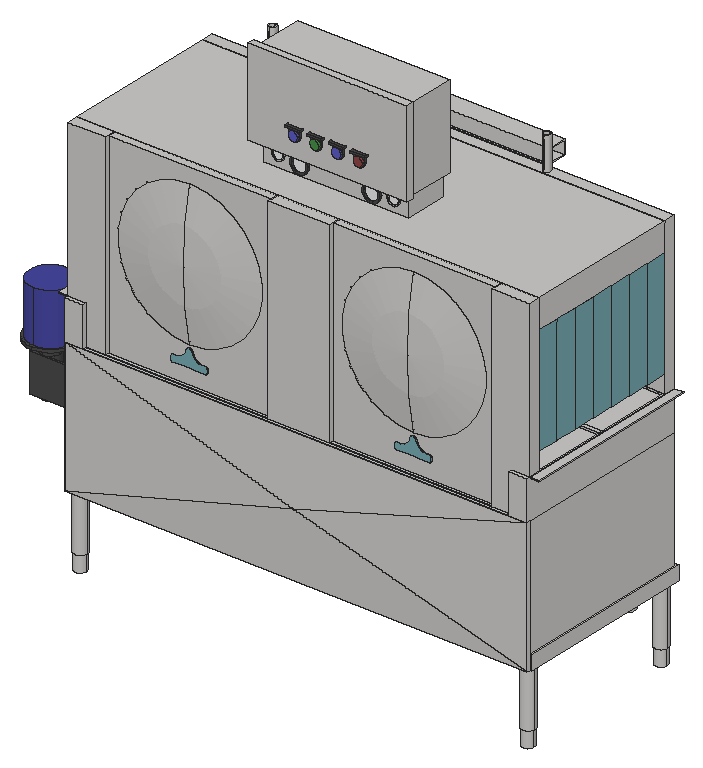
Revit family (continued)
Dimensions and locks (in)
  aligned and locked: Extrusion 4 sketch curve to plane 20
  aligned and locked: plane 6 "FRONT" to Extrusion 1 sketch curve
  aligned and locked: plane 2 "LEFT" to Extrusion 13 sketch curve
  aligned and locked: Extrusion 13 sketch curve to plane 6 "FRONT"
  aligned and locked: plane 20 to Extrusion 13 sketch curve
  aligned and locked: Extrusion 13 sketch curve to plane 5 "RIGHT"
  aligned and locked: Extrusion 13 to plane 15 "Bottom of Machine"
  aligned and locked: plane 18 "Panel Top" to Extrusion 13
  aligned and locked: Extrusion 14 sketch curve to plane 17 "Top of Machine"
  aligned and locked: Extrusion 14 sketch curve to plane 5 "RIGHT"
  aligned and locked: plane 16 "Table Height" to Extrusion 14 sketch curve
  aligned and locked: plane 18 "Panel Top" to Extrusion 14 sketch curve
  aligned and locked: Extrusion 14 sketch curve to Extrusion 4
  aligned and locked: Extrusion 14 to plane 25
  aligned and locked: Extrusion 15 sketch curve to plane 28
  aligned and locked: plane 25 to Extrusion 15 sketch curve
  aligned and locked: plane 27 to Extrusion 15 sketch curve
  aligned and locked: Extrusion 15 to plane 18 "Panel Top"
  aligned and locked: plane 30 to Extrusion 16
  aligned and locked: Extrusion 17 to plane 30
  aligned and locked: plane 15 "Bottom of Machine" to Extrusion 17
  aligned and locked: plane 25 to Extrusion 24 sketch curve
  aligned and locked: plane 5 "RIGHT" to Extrusion 24 sketch curve  (x7)
  aligned and locked: plane 24 to Extrusion 24 sketch curve
  aligned and locked: plane 2 "LEFT" to Extrusion 25 sketch curve  (x7)
  aligned and locked: Extrusion 25 sketch curve to plane 24
  aligned and locked: Extrusion 25 sketch curve to plane 25
  aligned and locked: Extrusion 26 sketch curve to plane 36
  aligned and locked: plane 35 "Front of Lower Panel" to Extrusion 26 sketch curve
  aligned and locked: plane 31 to Extrusion 26 sketch curve
  aligned and locked: plane 32 to Extrusion 26 sketch curve
  aligned and locked: Extrusion 27 sketch curve to plane 38 "Back of Panel"
  aligned and locked: plane 37 to Extrusion 27 sketch curve
  aligned and locked: plane 40 to Extrusion 27 sketch curve
  aligned and locked: Extrusion 27 sketch curve to plane 41
  aligned and locked: Extrusion 28 sketch curve to plane 37
  aligned and locked: plane 39 "Front of Upper Panel" to Extrusion 28 sketch curve
  aligned and locked: plane 33 to Extrusion 28 sketch curve
  aligned and locked: Extrusion 28 sketch curve to plane 34
  aligned and locked: Extrusion 31 sketch curve to Extrusion 30  (x2)
  aligned and locked: Extrusion 32 sketch curve to Extrusion 29  (x2)
  aligned and locked: Extrusion 35 sketch curve to Extrusion 34  (x2)
  aligned and locked: Extrusion 36 sketch curve to Extrusion 33  (x2)
  aligned and locked: Extrusion 44 sketch curve to plane 17 "Top of Machine"
  aligned and locked: Extrusion 44 sketch curve to plane 6 "FRONT"
  aligned and locked: plane 25 to Extrusion 44 sketch curve
  aligned and locked: plane 24 to Extrusion 44 sketch curve
  aligned and locked: plane 3 "BACK" to Extrusion 44 sketch curve
  aligned and locked: Extrusion 45 sketch curve to plane 3 "BACK"
  aligned and locked: plane 17 "Top of Machine" to Extrusion 45 sketch curve
  aligned and locked: Extrusion 45 sketch curve to plane 24
  aligned and locked: plane 6 "FRONT" to Extrusion 45 sketch curve
  aligned and locked: Extrusion 45 sketch curve to plane 25
  aligned and locked: plane 6 "FRONT" to Extrusion 46 sketch curve
  aligned and locked: Extrusion 46 sketch curve to plane 17 "Top of Machine"
  aligned and locked: plane 3 "BACK" to Extrusion 46 sketch curve
  aligned and locked: plane 24 to Extrusion 46 sketch curve
  aligned and locked: plane 29 "Top of Opening" to Extrusion 46 sketch curve
  aligned and locked: plane 25 to Extrusion 46 sketch curve
  aligned and locked: Extrusion 46 to plane 42
  aligned and locked: plane 42 to Extrusion 44
  aligned and locked: Extrusion 45 to plane 43
  aligned and locked: plane 43 to Extrusion 47
  aligned and locked: Extrusion 48 sketch curve to plane 46
  aligned and locked: plane 44 to Extrusion 48 sketch curve
  aligned and locked: Extrusion 48 sketch curve to plane 13
  aligned and locked: plane 47 to Extrusion 48 sketch curve
  aligned and locked: plane 48 "Top of Vents" to Extrusion 48
  aligned and locked: Extrusion 49 sketch curve to plane 14
  aligned and locked: plane 45 to Extrusion 49 sketch curve
  aligned and locked: plane 46 to Extrusion 49 sketch curve
  aligned and locked: Extrusion 49 sketch curve to plane 47
  aligned and locked: Extrusion 50 sketch curve to Extrusion 48  (x4)
  aligned and locked: Extrusion 51 sketch curve to Extrusion 49  (x4)
  aligned: nested 1 to cut or joined group of Extrusion 44, Extrusion 51
  aligned and locked: plane 14 to nested 1
  aligned and locked: plane 45 to nested 1
  aligned and locked: plane 47 to nested 1
  aligned and locked: nested 1 to plane 46
  aligned and locked: Extrusion 53 to plane 49
  aligned and locked: Extrusion 53 to plane 50
  aligned and locked: Extrusion 54 to plane 50
  aligned and locked: Extrusion 54 to plane 49
  aligned and locked: plane 2 "LEFT" to curve 2
  aligned and locked: plane 3 "BACK" to curve 1
  aligned and locked: curve 4 to plane 5 "RIGHT"
  aligned and locked: plane 6 "FRONT" to curve 3
  aligned and locked: curve 6 to plane 11 "Left End Cowl"
  aligned and locked: curve 7 to plane 6 "FRONT"
  aligned and locked: curve 9 to plane 12 "Right End Cowl"
  aligned and locked: plane 49 to curve 11
  aligned and locked: plane 50 to curve 13
  aligned and locked: curve 12 to plane 51
  aligned and locked: plane 10 "Right of Ledge" to curve 15
  aligned and locked: curve 16 to plane 38 "Back of Panel"
  aligned and locked: plane 37 to curve 18
  aligned and locked: plane 40 to curve 17
  aligned and locked: curve 19 to plane 41
  aligned and locked: plane 33 to curve 23
  aligned and locked: plane 39 "Front of Upper Panel" to curve 22
  aligned and locked: curve 21 to plane 34
  aligned and locked: curve 25 to plane 46
  aligned and locked: curve 28 to plane 13
  aligned and locked: plane 44 to curve 26
  aligned and locked: plane 47 to curve 27
  aligned and locked: plane 47 to curve 31
  aligned and locked: curve 32 to plane 45
  aligned and locked: plane 14 to curve 30
  aligned and locked: curve 29 to plane 46
  aligned and locked: Extrusion 57 sketch curve to plane 21  (x2)
  aligned and locked: plane 53 to Extrusion 57 sketch curve
  aligned and locked: plane 50 to Extrusion 57 sketch curve
  aligned and locked: Extrusion 57 sketch curve to plane 51
  aligned and locked: plane 49 to Extrusion 57 sketch curve
  aligned: plane 48 "Top of Vents" to Extrusion 57
  aligned and locked: plane 4 "TOP" to Extrusion 57
  aligned and locked: plane 17 "Top of Machine" to Extrusion 58 sketch curve
  aligned and locked: Extrusion 58 sketch curve to plane 28
  aligned and locked: plane 27 to Extrusion 58 sketch curve
  aligned and locked: Extrusion 58 sketch curve to plane 54
  aligned and locked: Extrusion 58 to plane 25
  aligned and locked: Extrusion 57 sketch curve to plane 9 "Left of Ledge"
  aligned and locked: Extrusion 57 sketch curve to plane 10 "Right of Ledge"
  aligned and locked: Extrusion 59 sketch curve to plane 53
  aligned and locked: Extrusion 59 sketch curve to plane 10 "Right of Ledge"
  aligned and locked: plane 21 to Extrusion 59 sketch curve
  aligned and locked: Extrusion 59 sketch curve to plane 12 "Right End Cowl"
  aligned and locked: plane 4 "TOP" to Extrusion 59
  aligned and locked: plane 11 "Left End Cowl" to Extrusion 60 sketch curve
  aligned and locked: plane 21 to Extrusion 60 sketch curve
  aligned and locked: Extrusion 60 sketch curve to plane 9 "Left of Ledge"
  aligned and locked: Extrusion 60 sketch curve to plane 53
  aligned and locked: plane 4 "TOP" to Extrusion 60
  aligned and locked: curve 37 to plane 12 "Right End Cowl"
  aligned and locked: curve 36 to plane 53
  aligned and locked: plane 11 "Left End Cowl" to curve 33
  aligned and locked: Extrusion 62 sketch curve to plane 56
  aligned and locked: plane 55 to Extrusion 62 sketch curve
  aligned and locked: Extrusion 64 sketch curve to plane 56
  aligned and locked: plane 55 to Extrusion 64 sketch curve
  aligned and locked: plane 56 to Extrusion 14 sketch curve
  aligned and locked: plane 28 to Extrusion 66 sketch curve
  aligned and locked: Extrusion 66 sketch curve to plane 55
  aligned and locked: Extrusion 66 sketch curve to plane 17 "Top of Machine"
  aligned and locked: plane 18 "Panel Top" to Extrusion 66 sketch curve
  aligned and locked: Extrusion 66 to plane 25
  aligned and locked: Extrusion 66 to plane 6 "FRONT"
  aligned and locked: Extrusion 69 sketch curve to Extrusion 56  (x2)
  aligned and locked: Extrusion 70 sketch curve to Extrusion 68  (x2)
  aligned and locked: Extrusion 74 sketch curve to Extrusion 72
  aligned and locked: Blend 75 sketch curve to Extrusion 74  (x2)
  aligned and locked: Extrusion 84 sketch curve to Extrusion 82  (x2)
  aligned and locked: plane 2 "LEFT" to cut or joined group of Extrusion 45, Extrusion 50
  aligned and locked: cut or joined group of Extrusion 44, Extrusion 51 to plane 5 "RIGHT"
  aligned and locked: plane 25 to Extrusion 94 sketch curve
  aligned and locked: plane 57 to Extrusion 94 sketch curve
  aligned and locked: plane 6 "FRONT" to Extrusion 94 sketch curve
  aligned and locked: Extrusion 94 sketch curve to plane 58
  aligned and locked: plane 60 to Extrusion 95 sketch curve
  aligned and locked: plane 6 "FRONT" to Extrusion 95 sketch curve
  aligned and locked: Extrusion 95 sketch curve to plane 62
  aligned and locked: plane 25 to Extrusion 95 sketch curve
  aligned and locked: Extrusion 94 to plane 18 "Panel Top"
  aligned and locked: Extrusion 95 to plane 18 "Panel Top"
  aligned and locked: plane 27 to curve 52
  aligned and locked: plane 56 to curve 54
Automatic sketch dimensions
  Extrusion 37 sketch curve to Extrusion 37 sketch curve = 0' - 1"  (x3)
  Extrusion 37 sketch curve to Extrusion 37 sketch curve = 0' - 2"  (x4)
  Extrusion 37 sketch curve to Extrusion 37 sketch curve = 0' - 0 1/4"  (x5)
  Extrusion 37 sketch curve to Extrusion 37 sketch curve = 0' - 0"  (x2)
  Extrusion 42 sketch curve to Extrusion 42 sketch curve = 0' - 1 1/2"  (x3)
  Extrusion 42 sketch curve to Extrusion 42 sketch curve = 0' - 0 3/4"  (x4)
  Extrusion 42 sketch curve to Extrusion 42 sketch curve = 0' - 0"  (x3)
  Extrusion 42 sketch curve to Extrusion 42 sketch curve = 0' - 0 7/8"  (x4)
  Extrusion 88 sketch curve to Extrusion 88 sketch curve = 0' - 1"  (x3)
  Extrusion 88 sketch curve to Extrusion 88 sketch curve = 0' - 2"  (x4)
  Extrusion 88 sketch curve to Extrusion 88 sketch curve = 0' - 0 1/4"  (x5)
  Extrusion 88 sketch curve to Extrusion 88 sketch curve = 0' - 0"  (x2)
  Extrusion 93 sketch curve to Extrusion 93 sketch curve = 0' - 1 1/2"  (x3)
  Extrusion 93 sketch curve to Extrusion 93 sketch curve = 0' - 0 3/4"  (x4)
  Extrusion 93 sketch curve to Extrusion 93 sketch curve = 0' - 0"  (x3)
  Extrusion 93 sketch curve to Extrusion 93 sketch curve = 0' - 0 7/8"  (x4)
  plane 36 to Extrusion 8 sketch curve = 0' - 0 1/4"
  Extrusion 8 sketch curve to plane 36 = 0' - 0 1/4"
  Extrusion 29 sketch curve to Extrusion 29 sketch curve = 0' - 0"  (x2)
  Extrusion 30 sketch curve to Extrusion 30 sketch curve = 0' - 0"  (x2)
  Extrusion 33 sketch curve to Extrusion 33 sketch curve = 0' - 0"  (x2)
  Extrusion 34 sketch curve to Extrusion 34 sketch curve = 0' - 0"  (x2)
  plane 47 to Extrusion 48 sketch curve = 0' - 0 1/8"
  Extrusion 48 sketch curve to plane 46 = 0' - 0 1/8"
  Extrusion 48 sketch curve to plane 13 = 0' - 0 1/8"
  plane 44 to Extrusion 48 sketch curve = 0' - 0 1/8"
  Extrusion 49 sketch curve to plane 47 = 0' - 0 1/8"
  plane 46 to Extrusion 49 sketch curve = 0' - 0 1/8"
  Extrusion 49 sketch curve to plane 14 = 0' - 0 1/8"
  plane 45 to Extrusion 49 sketch curve = 0' - 0 1/8"
  Extrusion 53 sketch curve to plane 52 = 0' - 0"
  Extrusion 53 sketch curve to plane 17 "Top of Machine" = 0' - 0"
  Extrusion 53 sketch curve to plane 51 = 0' - 0"
  Extrusion 53 sketch curve to plane 51 = 0' - 0 1/8"
  Extrusion 53 sketch curve to plane 21 = 0' - 0 1/8"
  Extrusion 53 sketch curve to Extrusion 53 sketch curve = 0' - 0 1/8"
  plane 17 "Top of Machine" to Extrusion 53 sketch curve = 0' - 0 1/8"
  Extrusion 53 sketch curve to plane 52 = 0' - 0 1/8"
  Extrusion 54 sketch curve to plane 3 "BACK" = 0' - 0"
  Extrusion 54 sketch curve to plane 17 "Top of Machine" = 0' - 0"
  Extrusion 54 sketch curve to plane 3 "BACK" = 0' - 0 1/4"
  Extrusion 54 sketch curve to Extrusion 54 sketch curve = 0' - 0 1/8"
  Extrusion 64 sketch curve to plane 17 "Top of Machine" = 0' - 0"
  Extrusion 64 sketch curve to plane 54 = 0' - 0"
  Extrusion 73 sketch curve to plane 39 "Front of Upper Panel" = 0' - 0 3/16"
  plane 44 to Extrusion 73 sketch curve = 0' - 0 11/16"
  Blend 75 sketch curve to plane 39 "Front of Upper Panel" = 0' - 0 3/16"
  plane 44 to Blend 75 sketch curve = 0' - 0 11/16"
  Extrusion 76 sketch curve to plane 39 "Front of Upper Panel" = 0' - 0 3/16"
  plane 44 to Extrusion 76 sketch curve = 0' - 0 11/16"
  Extrusion 77 sketch curve to plane 39 "Front of Upper Panel" = 0' - 0 3/16"
  plane 44 to Extrusion 77 sketch curve = 0' - 0 11/16"
  Blend 85 sketch curve to plane 9 "Left of Ledge" = 0' - 0 5/16"
  Blend 85 sketch curve to plane 36 = 0' - 2 1/4"
  plane 38 "Back of Panel" to Blend 85 sketch curve = 0' - 1 3/4"
  plane 44 to Blend 85 sketch curve = 0' - 0 1/4"
  plane 13 to Blend 85 sketch curve = 0' - 0 1/4"
  Blend 85 sketch curve to plane 36 = 0' - 1 1/4"
  plane 38 "Back of Panel" to Blend 85 sketch curve = 0' - 0 3/4"
  plane 44 to Blend 85 sketch curve = 0' - 1 1/4"
  Blend 86 sketch curve to plane 44 = 0' - 0 1/2"
  plane 35 "Front of Lower Panel" to Blend 86 sketch curve = 0' - 3"
  plane 38 "Back of Panel" to Blend 86 sketch curve = 0' - 2 1/2"
  plane 9 "Left of Ledge" to Blend 86 sketch curve = 0' - 0 7/16"
  Blend 86 sketch curve to plane 9 "Left of Ledge" = 0' - 0 9/16"
  Blend 86 sketch curve to plane 36 = 0' - 2"
  plane 38 "Back of Panel" to Blend 86 sketch curve = 0' - 1 1/2"
  plane 44 to Blend 86 sketch curve = 0' - 0 1/2"
  plane 27 to Extrusion 96 sketch curve = 0' - 0.00337"
  plane 20 to Extrusion 96 sketch curve = 0' - 0.24755"
  plane 27 to Extrusion 97 sketch curve = 0' - 0.00337"
  plane 20 to Extrusion 97 sketch curve = 0' - 0.24755"
  plane 56 to Extrusion 99 sketch curve = 0' - 0.00337"
  plane 20 to Extrusion 99 sketch curve = 0' - 0.24755"
  plane 56 to Extrusion 100 sketch curve = 0' - 0.00337"
  plane 20 to Extrusion 100 sketch curve = 0' - 0.24755"
  curve 35 to plane 9 "Left of Ledge" = 0' - 0"
  curve 41 to plane 27 = 0' - 0"
  plane 25 to curve 40 = 0' - 0"
  curve 40 to plane 28 = 0' - 0"
  plane 25 to curve 42 = 0' - 0"
  curve 42 to plane 55 = 0' - 0"
  curve 44 to plane 56 = 0' - 0"
  curve 35 to plane 10 "Right of Ledge" = 0' - 0"
  curve 42 to plane 6 "FRONT" = 0' - 0"
  curve 44 to plane 6 "FRONT" = 0' - 0"
  curve 38 to plane 6 "FRONT" = 0' - 0"
  curve 40 to plane 6 "FRONT" = 0' - 0"
  curve 37 to plane 21 = 0' - 0"
  curve 33 to plane 21 = 0' - 0"
  plane 47 to curve 41 = 0' - 0 7/16"
  plane 47 to curve 45 = 0' - 0 7/16"
  plane 19 to Blend 12 sketch curve = 0' - 7 7/32"
  Blend 12 sketch curve to Blend 12 sketch curve = 0' - 0 1/16"
  Extrusion 24 sketch curve to plane 39 "Front of Upper Panel" = 0' - 0 3/8"
  Extrusion 24 sketch curve to Extrusion 24 sketch curve = 0' - 0 1/8"  (x6)
  plane 35 "Front of Lower Panel" to Extrusion 24 sketch curve = 0' - 1 1/4"
  Extrusion 24 sketch curve to plane 36 = 0' - 1 5/8"
  Extrusion 24 sketch curve to plane 5 "RIGHT" = 0' - 0 1/8"  (x7)
  plane 38 "Back of Panel" to Extrusion 24 sketch curve = 0' - 1"
  Extrusion 24 sketch curve to Extrusion 24 sketch curve = 0' - 3"  (x2)
  plane 39 "Front of Upper Panel" to Extrusion 25 sketch curve = 0' - 0 3/8"
  Extrusion 25 sketch curve to Extrusion 25 sketch curve = 0' - 0 1/8"  (x6)
  Extrusion 25 sketch curve to plane 35 "Front of Lower Panel" = 0' - 1 1/4"
  plane 36 to Extrusion 25 sketch curve = 0' - 1 5/8"
  Extrusion 25 sketch curve to plane 2 "LEFT" = 0' - 0 1/8"  (x7)
  Extrusion 25 sketch curve to plane 38 "Back of Panel" = 0' - 1"
  Extrusion 25 sketch curve to Extrusion 25 sketch curve = 0' - 3"  (x2)
  plane 49 to Extrusion 43 sketch curve = 0' - 1.49793"
  Extrusion 43 sketch curve to Extrusion 43 sketch curve = 0' - 0.25142"  (x2)
  Extrusion 43 sketch curve to Extrusion 43 sketch curve = 0' - 0.25483"
  plane 49 to Extrusion 43 sketch curve = 0' - 0.94306"
  Extrusion 43 sketch curve to plane 49 = 0' - 0.38874"
  Extrusion 43 sketch curve to plane 49 = 0' - 0.58031"
  Extrusion 43 sketch curve to Extrusion 43 sketch curve = 0' - 0.41934"
  Extrusion 43 sketch curve to plane 49 = 0' - 1"
  Extrusion 43 sketch curve to Extrusion 43 sketch curve = 0' - 0.42496"
  Extrusion 43 sketch curve to Extrusion 43 sketch curve = 0' - 0"
  Extrusion 43 sketch curve to Extrusion 43 sketch curve = 0' - 1.22253"
  Extrusion 43 sketch curve to Extrusion 43 sketch curve = 0' - 1.51845"
  Extrusion 43 sketch curve to Extrusion 43 sketch curve = 0' - 1.63184"
  Extrusion 43 sketch curve to Extrusion 43 sketch curve = 0' - 0.00341"
  Extrusion 43 sketch curve to plane 16 "Table Height" = 0' - 2.43574"  (x2)
  Extrusion 43 sketch curve to Extrusion 43 sketch curve = 0' - 0.48493"  (x2)
  Extrusion 43 sketch curve to Extrusion 43 sketch curve = 0' - 0.08323"
  plane 19 to Extrusion 43 sketch curve = 0' - 6.6719"
  Extrusion 44 sketch curve to plane 46 = 0' - 0 1/16"
  plane 47 to Extrusion 44 sketch curve = 0' - 0 1/16"
  Extrusion 44 sketch curve to plane 17 "Top of Machine" = 0' - 0 1/8"
  Extrusion 44 sketch curve to plane 29 "Top of Opening" = 0' - 0.88572"
  Extrusion 44 sketch curve to Extrusion 44 sketch curve = 0' - 0.05178"  (x2)
  Extrusion 44 sketch curve to Extrusion 44 sketch curve = 0' - 1 1/2"  (x2)
  Extrusion 44 sketch curve to Extrusion 44 sketch curve = 0' - 0.17678"  (x2)
  plane 16 "Table Height" to Extrusion 44 sketch curve = 0' - 5.17678"
  plane 47 to Extrusion 45 sketch curve = 0' - 0 1/16"
  Extrusion 45 sketch curve to plane 46 = 0' - 0 1/16"
  Extrusion 45 sketch curve to plane 17 "Top of Machine" = 0' - 0 1/8"
  Extrusion 45 sketch curve to plane 29 "Top of Opening" = 0' - 0.88572"
  Extrusion 45 sketch curve to Extrusion 45 sketch curve = 0' - 0.05178"  (x2)
  Extrusion 45 sketch curve to Extrusion 45 sketch curve = 0' - 1 1/2"  (x2)
  Extrusion 45 sketch curve to Extrusion 45 sketch curve = 0' - 0.17678"  (x2)
  plane 16 "Table Height" to Extrusion 45 sketch curve = 0' - 5.17678"
  Extrusion 46 sketch curve to plane 29 "Top of Opening" = 0' - 0 15/16"
  Extrusion 46 sketch curve to Extrusion 46 sketch curve = 0' - 1 5/8"  (x2)
  plane 16 "Table Height" to Extrusion 46 sketch curve = 0' - 5 1/8"
  Extrusion 47 sketch curve to plane 6 "FRONT" = 0' - 0"
  Extrusion 47 sketch curve to plane 25 = 0' - 0"
  Extrusion 47 sketch curve to plane 24 = 0' - 0"
  Extrusion 47 sketch curve to plane 3 "BACK" = 0' - 0"
  Extrusion 47 sketch curve to plane 29 "Top of Opening" = 0' - 0"
  Extrusion 47 sketch curve to plane 17 "Top of Machine" = 0' - 0"
  Extrusion 47 sketch curve to plane 29 "Top of Opening" = 0' - 0 15/16"
  Extrusion 47 sketch curve to Extrusion 47 sketch curve = 0' - 1 5/8"  (x2)
  plane 16 "Table Height" to Extrusion 47 sketch curve = 0' - 5 1/8"
  Extrusion 52 sketch curve to Extrusion 52 sketch curve = 0' - 0"  (x2)
  Extrusion 56 sketch curve to Extrusion 56 sketch curve = 0' - 0"  (x2)
  curve 15 to plane 6 "FRONT" = 0' - 0"
  plane 3 "BACK" to curve 9 = 0' - 0"
  plane 3 "BACK" to curve 6 = 0' - 0"
  curve 3 to plane 9 "Left of Ledge" = 0' - 0"
  Revolve 61 sketch curve to plane 20 = 0' - 0"
  Revolve 61 sketch curve to plane 20 = 0' - 10 3/4"
  plane 47 to Revolve 61 sketch curve = 0' - 0 7/16"
  plane 35 "Front of Lower Panel" to Revolve 61 sketch curve = 0' - 2 3/4"
  Revolve 61 sketch curve to plane 29 "Top of Opening" = 0' - 7.74993"
  plane 53 to Revolve 61 sketch curve = 1' - 5.49935"
  Revolve 61 sketch curve to plane 29 "Top of Opening" = 0' - 8"  (x2)
  plane 25 to Extrusion 62 sketch curve = 0' - 0"
  plane 47 to Extrusion 62 sketch curve = 0' - 0 7/16"
  Extrusion 63 sketch curve to plane 50 = 0' - 3.49793"
  Extrusion 63 sketch curve to Extrusion 63 sketch curve = 0' - 0.25142"  (x2)
  Extrusion 63 sketch curve to Extrusion 63 sketch curve = 0' - 0.25483"
  Extrusion 63 sketch curve to Extrusion 63 sketch curve = 0' - 0.30345"
  Extrusion 63 sketch curve to plane 50 = 0' - 1.61126"
  Extrusion 63 sketch curve to plane 50 = 0' - 1.41969"
  Extrusion 63 sketch curve to Extrusion 63 sketch curve = 0' - 0.41934"
  Extrusion 63 sketch curve to plane 50 = 0' - 1"
  Extrusion 63 sketch curve to Extrusion 63 sketch curve = 0' - 0.42496"
  Extrusion 63 sketch curve to Extrusion 63 sketch curve = 0' - 0"
  Extrusion 63 sketch curve to plane 50 = 0' - 0.38874"
  plane 50 to Extrusion 63 sketch curve = 0' - 0.94306"
  plane 50 to Extrusion 63 sketch curve = 0' - 1.2431"
  Extrusion 63 sketch curve to Extrusion 63 sketch curve = 0' - 0.00341"
  plane 19 to Extrusion 63 sketch curve = 0' - 6.6719"
  plane 18 "Panel Top" to Extrusion 63 sketch curve = 0' - 2.07309"  (x2)
  Extrusion 63 sketch curve to Extrusion 63 sketch curve = 0' - 0.08323"
  Extrusion 63 sketch curve to Extrusion 63 sketch curve = 0' - 0.48493"  (x2)
  Extrusion 63 sketch curve to plane 16 "Table Height" = 0' - 1.37507"
  Revolve 65 sketch curve to plane 20 = 0' - 0"
  Revolve 65 sketch curve to plane 20 = 0' - 10 3/4"
  plane 47 to Revolve 65 sketch curve = 0' - 0 7/16"
  plane 35 "Front of Lower Panel" to Revolve 65 sketch curve = 0' - 2 3/4"
  Revolve 65 sketch curve to plane 29 "Top of Opening" = 0' - 7.74993"
  plane 53 to Revolve 65 sketch curve = 1' - 5.49935"
  Revolve 65 sketch curve to plane 29 "Top of Opening" = 0' - 8"  (x2)
  Extrusion 67 sketch curve to Extrusion 67 sketch curve = 0' - 0"  (x2)
  Extrusion 68 sketch curve to Extrusion 68 sketch curve = 0' - 0"  (x2)
  plane 22 to Extrusion 71 sketch curve = 0' - 0"
  Extrusion 71 sketch curve to plane 2 "LEFT" = 0' - 0"
  Extrusion 71 sketch curve to plane 19 = 0' - 0"
  Extrusion 71 sketch curve to plane 9 "Left of Ledge" = 0' - 0 1/8"
  Extrusion 71 sketch curve to plane 18 "Panel Top" = 0' - 4 9/16"
  plane 15 "Bottom of Machine" to Extrusion 71 sketch curve = 0' - 0 15/16"
  Extrusion 72 sketch curve to plane 25 = 0' - 1 5/8"
  plane 44 to Extrusion 72 sketch curve = 0' - 0 11/16"
  Extrusion 72 sketch curve to plane 39 "Front of Upper Panel" = 0' - 1 1/2"
  Extrusion 72 sketch curve to plane 39 "Front of Upper Panel" = 0' - 0 3/16"
  Extrusion 72 sketch curve to plane 35 "Front of Lower Panel" = 0' - 0 1/8"
  Extrusion 72 sketch curve to Extrusion 72 sketch curve = 0' - 0"
  Extrusion 72 sketch curve to plane 9 "Left of Ledge" = 0' - 0 3/8"
  Extrusion 72 sketch curve to plane 9 "Left of Ledge" = 0' - 0 1/8"
  Extrusion 72 sketch curve to plane 44 = 0' - 0 15/16"
  Extrusion 78 sketch curve to plane 2 "LEFT" = 0' - 0"
  Extrusion 78 sketch curve to plane 13 = 0' - 1 3/16"
  plane 44 to Extrusion 78 sketch curve = 0' - 1 7/16"
  Extrusion 78 sketch curve to plane 16 "Table Height" = 0' - 0 13/16"
  Extrusion 78 sketch curve to Extrusion 78 sketch curve = 0' - 0 3/4"
  Extrusion 78 sketch curve to Extrusion 78 sketch curve = 0' - 1 1/2"
  Extrusion 79 sketch curve to plane 19 = 0' - 0"
  plane 22 to Extrusion 79 sketch curve = 0' - 0"
  Extrusion 79 sketch curve to plane 2 "LEFT" = 0' - 0"
  plane 13 to Extrusion 79 sketch curve = 0' - 0 5/16"
  plane 19 to Extrusion 79 sketch curve = 0' - 0 7/16"
  Extrusion 79 sketch curve to plane 15 "Bottom of Machine" = 0' - 1 9/16"
  Extrusion 80 sketch curve to Extrusion 80 sketch curve = 0' - 0"  (x2)
  plane 15 "Bottom of Machine" to Extrusion 80 sketch curve = 0' - 0 7/16"
  Extrusion 80 sketch curve to plane 13 = 0' - 1 3/16"
  Extrusion 80 sketch curve to plane 13 = 0' - 0 9/16"  (x2)
  Extrusion 80 sketch curve to plane 15 "Bottom of Machine" = 0' - 0 5/16"
  Extrusion 80 sketch curve to plane 13 = 0' - 0 3/16"  (x2)
  plane 13 to Extrusion 80 sketch curve = 0' - 0 1/16"  (x2)
  Extrusion 80 sketch curve to Extrusion 80 sketch curve = 0' - 0 1/4"
  Extrusion 80 sketch curve to plane 19 = 0' - 0 1/8"
  Extrusion 80 sketch curve to Extrusion 80 sketch curve = 0' - 0 5/16"
  Extrusion 81 sketch curve to Extrusion 81 sketch curve = 0' - 0"  (x2)
  plane 15 "Bottom of Machine" to Extrusion 81 sketch curve = 0' - 0 7/16"
  Extrusion 81 sketch curve to plane 13 = 0' - 1 3/16"
  Extrusion 81 sketch curve to plane 13 = 0' - 0 9/16"  (x2)
  Extrusion 81 sketch curve to plane 15 "Bottom of Machine" = 0' - 0 5/16"
  Extrusion 81 sketch curve to plane 13 = 0' - 0 3/16"  (x2)
  plane 13 to Extrusion 81 sketch curve = 0' - 0 1/16"  (x2)
  Extrusion 81 sketch curve to Extrusion 81 sketch curve = 0' - 0 1/4"
  Extrusion 81 sketch curve to plane 19 = 0' - 0 1/8"
  Extrusion 81 sketch curve to Extrusion 81 sketch curve = 0' - 0 5/16"
  Extrusion 82 sketch curve to Extrusion 82 sketch curve = 0' - 0"  (x6)
  plane 18 "Panel Top" to Extrusion 82 sketch curve = 0' - 0 3/16"
  plane 44 to Extrusion 82 sketch curve = 0' - 1 1/4"
  Extrusion 82 sketch curve to plane 13 = 0' - 1.92562"
  Extrusion 82 sketch curve to Extrusion 82 sketch curve = 0' - 0.36312"  (x2)
  Extrusion 82 sketch curve to Extrusion 82 sketch curve = 0' - 0 3/8"
  plane 13 to Extrusion 82 sketch curve = 0' - 0 1/4"
  Extrusion 82 sketch curve to plane 16 "Table Height" = 0' - 1 9/16"
  Extrusion 82 sketch curve to Extrusion 82 sketch curve = 0' - 0.13295"
  Extrusion 83 sketch curve to Extrusion 83 sketch curve = 0' - 0"  (x6)
  plane 18 "Panel Top" to Extrusion 83 sketch curve = 0' - 0 3/16"
  plane 44 to Extrusion 83 sketch curve = 0' - 1 1/4"
  Extrusion 83 sketch curve to plane 13 = 0' - 1.92562"
  Extrusion 83 sketch curve to Extrusion 83 sketch curve = 0' - 0.36312"  (x2)
  Extrusion 83 sketch curve to Extrusion 83 sketch curve = 0' - 0 3/8"
  plane 13 to Extrusion 83 sketch curve = 0' - 0 1/4"
  Extrusion 83 sketch curve to plane 16 "Table Height" = 0' - 1 9/16"
  Extrusion 83 sketch curve to Extrusion 83 sketch curve = 0' - 0.13295"
  Extrusion 87 sketch curve to Extrusion 87 sketch curve = 0' - 0"  (x2)
  plane 15 "Bottom of Machine" to Extrusion 87 sketch curve = 0' - 0 7/16"
  Extrusion 87 sketch curve to plane 13 = 0' - 1 11/16"
  Extrusion 87 sketch curve to Extrusion 87 sketch curve = 0' - 0 1/2"
  Sweep 98 sketch curve to plane 20 = 0' - 0.62745"
  Sweep 98 sketch curve to plane 20 = 0' - 0.12745"  (x2)
  Sweep 98 sketch curve to plane 6 "FRONT" = 0' - 0.00245"  (x2)
  plane 16 "Table Height" to Sweep 98 sketch curve = 0' - 3 13/16"
  Sweep 98 sketch curve to plane 29 "Top of Opening" = 0' - 4 15/16"
  Sweep 98 sketch curve to plane 59 = 0' - 0"
  Sweep 98 sketch curve to profile plane = 0' - 0"
  Sweep 101 sketch curve to plane 20 = 0' - 0.62745"
  Sweep 101 sketch curve to plane 20 = 0' - 0.12745"  (x2)
  Sweep 101 sketch curve to plane 6 "FRONT" = 0' - 0.00245"  (x2)
  plane 16 "Table Height" to Sweep 101 sketch curve = 0' - 3 13/16"
  Sweep 101 sketch curve to plane 29 "Top of Opening" = 0' - 4 15/16"
  Sweep 101 sketch curve to plane 61 = 0' - 0"
  Sweep 101 sketch curve to profile plane = 0' - 0"
  curve 48 to plane 59 = 0' - 0"
  curve 51 to plane 61 = 0' - 0"
  curve 53 to plane 6 "FRONT" = 0' - 0"
  curve 54 to plane 6 "FRONT" = 0' - 0"
  curve 55 to plane 6 "FRONT" = 0' - 0"
  curve 52 to plane 6 "FRONT" = 0' - 0"
  curve 55 to plane 55 = 0' - 0"
  curve 53 to plane 28 = 0' - 0"
  curve 48 to plane 20 = 0' - 0.62745"
  curve 49 to plane 20 = 0' - 0.62745"
  curve 49 to plane 6 "FRONT" = 0' - 0.00245"
  curve 47 to plane 6 "FRONT" = 0' - 0.00245"
  curve 50 to plane 6 "FRONT" = 0' - 0.00245"
  curve 46 to plane 6 "FRONT" = 0' - 0.00245"
  curve 50 to curve 51 = 0' - 0 3/8"
  curve 47 to curve 48 = 0' - 0 3/8"
  plane 38 "Back of Panel" to curve 58 = 0' - 2.87295"
  plane 38 "Back of Panel" to curve 58 = 0' - 5.36734"
  curve 57 to plane 62 = 2' - 11.4708"
  curve 57 to plane 24 = 0' - 2.51327"
  curve 56 to plane 12 "Right End Cowl" = 2' - 2.4708"
  curve 58 to plane 62 = 2' - 11.4708"
  curve 57 to curve 57 = 0' - 4 1/2"
  radius of Extrusion 38 sketch curve = 0' - 0 5/8"
  radius of Extrusion 39 sketch curve = 0' - 0 5/8"
  radius of Extrusion 40 sketch curve = 0' - 0 5/8"
  radius of Extrusion 41 sketch curve = 0' - 0 5/8"
  radius of Extrusion 89 sketch curve = 0' - 0 5/8"
  radius of Extrusion 90 sketch curve = 0' - 0 5/8"
  radius of Extrusion 91 sketch curve = 0' - 0 5/8"
  radius of Extrusion 92 sketch curve = 0' - 0 5/8"
  radius of Extrusion 16 sketch curve = 0' - 0 13/16"
  radius of Extrusion 17 sketch curve = 0' - 0 15/16"
  radius of Extrusion 18 sketch curve = 0' - 0 13/16"
  radius of Extrusion 19 sketch curve = 0' - 0 15/16"
  radius of Extrusion 20 sketch curve = 0' - 0 13/16"
  radius of Extrusion 21 sketch curve = 0' - 0 15/16"
  radius of Extrusion 22 sketch curve = 0' - 0 13/16"
  radius of Extrusion 23 sketch curve = 0' - 0 15/16"
  radius of Extrusion 29 sketch curve = 0' - 1 1/4"
  radius of Extrusion 29 sketch curve = 0' - 1"
  radius of Extrusion 30 sketch curve = 0' - 0 3/4"
  radius of Extrusion 30 sketch curve = 0' - 0 7/8"
  radius of Extrusion 33 sketch curve = 0' - 1 1/4"
  radius of Extrusion 33 sketch curve = 0' - 1"
  radius of Extrusion 34 sketch curve = 0' - 0 3/4"
  radius of Extrusion 34 sketch curve = 0' - 0 7/8"
  radius of Extrusion 55 sketch curve = 0' - 0 1/4"
  radius of Extrusion 73 sketch curve = 0' - 1 1/16"
  radius of Blend 75 sketch curve = 0' - 2 1/16"
  radius of Extrusion 76 sketch curve = 0' - 3 1/4"
  radius of Extrusion 77 sketch curve = 0' - 2 7/8"
  radius of Extrusion 96 sketch curve = 0' - 0 1/4"
  radius of Extrusion 97 sketch curve = 0' - 0 1/4"
  radius of Extrusion 99 sketch curve = 0' - 0 1/4"
  radius of Extrusion 100 sketch curve = 0' - 0 1/4"
  radius of Extrusion 52 sketch curve = 0' - 0 3/8"
  radius of Extrusion 52 sketch curve = 0' - 0 1/2"
  radius of Extrusion 56 sketch curve = 0' - 1"
  radius of Extrusion 56 sketch curve = 0' - 1 1/8"
  radius of Extrusion 67 sketch curve = 0' - 0 3/8"
  radius of Extrusion 67 sketch curve = 0' - 0 1/2"
  radius of Extrusion 68 sketch curve = 0' - 1"
  radius of Extrusion 68 sketch curve = 0' - 1 1/8"
  radius of Extrusion 78 sketch curve = 0' - 0 3/8"
  radius of Extrusion 80 sketch curve = 0' - 0 1/2"
  radius of Extrusion 81 sketch curve = 0' - 0 1/2"
  radius of Sweep 98 sketch curve = 0' - 0 3/8"
  radius of Sweep 101 sketch curve = 0' - 0 3/8"
Nested families (in)
  nested 1: "QF_Stero_ER-64_R-L_E_EX" at (69.39022, -48.0625, 0), visible <- "Right Vent", Ventilation Remarks <- "Right Ventilation Remarks", Exhaust Volume <- "Right Exhaust Volume", Exhaust Vent Width <- "Right Exhaust Vent Width", Exhaust Vent Depth <- "Right Exhaust Vent Depth", Exhaust Static Press <- "Right Exhaust Static Press", Exhaust RI Height <- "Right Exhaust RI Height", Item Number <- "Right Exhaust Item Number", type "Nested"
    with Ventilation Remarks "", Item Number "-", Exhaust Volume 0 CFM, Exhaust Vent Width 0' - 3 7/8", Exhaust Vent Depth 2' - 0 7/8", Exhaust Static Press 0.00 in-wg, Exhaust RI Height 0' - 0"
  nested 2: "QF_Stero_ER-64_R-L_E_HW2" at (49.32772, -48.75, 0), Plumbing Remarks <- "Building Plumbing Remarks", Hot Water Temperature <- "Building Hot Water Temperature", Hot Water Size <- "Building Hot Water Size", Hot Water RI Height <- "Building Hot Water RI Height", Hot Water Minimum Pressure <- "Building Hot Water Minimum Pressure", Hot Water Maximum Pressure <- "Building Hot Water Maximum Pressure", Hot Water Flow <- "Building Hot Water Flow", Hot Water Consumption <- "Building Hot Water Consumption", Hot Water Connection Height <- "Building Hot Water Connection Height", Item Number <- "Building HW Item Number", type "Nested"
    with Plumbing Remarks "", Item Number "-", Hot Water Temperature 140 °F, Hot Water Size Radius 3/8", Hot Water Size 3/4", Hot Water RI Height 0' - 0", Hot Water Minimum Pressure 20.00 psi, Hot Water Maximum Pressure 20.00 psi, Hot Water Flow 0.00 GPM, Hot Water Consumption 2.00 GPM, Hot Water Connection Height 5' - 0"
Connectors (in)
  piping at (7.32772, -50, 6), driven by "Indirect Waste Flow"
    settings: on Extrusion 56, index 1, connector radius 1", flow factor 0, pipe flow 0.00 GPM, pressure drop 0.00 psi, fitting loss kfactor 0, connector angle 0.00°, fixture units 0, flow configuration 1, flow direction 2, fitting loss method 0, system type 16, connector reference index -1, connector utility 0, adjustable connector no, is connector primary yes, fitting loss table "", connector description "Indirect Waste"
  piping at (11.32772, -48.75, 60), driven by "Hot Water Flow"
    settings: on Extrusion 52, index 2, connector radius 3/8", flow factor 0, pipe flow 2.01 GPM, pressure drop 0.00 psi, fitting loss kfactor 0, connector angle 0.00°, fixture units 0, flow configuration 1, flow direction 1, fitting loss method 0, system type 19, connector reference index -1, connector utility 0, adjustable connector no, is connector primary no, fitting loss table "", connector description "Booster Hot Water"
  electrical at (44.32772, -59.9375, 68.5), driven by "Number of Poles", driven by "Volts", driven by "Apparent Power"
    settings: on Extrusion 55, index 3, voltage 480 V, apparent load 31472.2 VA, apparent load phase1 0 VA, apparent load phase2 0 VA, apparent load phase3 0 VA, power factor 1, load classification "Other", number of poles 1, system type 30, power factor state 1, is connector primary yes, connector utility no, sub classification motor no, connector description "Electric"
  hvac at (-2.67228, -60.5, 59.5), driven by "Exhaust Volume", driven by "Exhaust Vent Depth", driven by "Exhaust Vent Width", driven by "Exhaust Vent Text"
    settings: on cut or joined group of Extrusion 48, Extrusion 50, index 4, duct flow 0 CFM, flow factor 0, pres drop 0.00 in-wg, loss coef 0, conn angle 0.00°, conn width 3 7/8", conn height 24 7/8", conn radius 12", duct sys type 3, conn prof type 1, flow config 1, flow direction 2, loss method 0, conn ref index -1, conn util no, is conn primary yes, conn desc "Vent, Unload End"
  hvac at (71.32772, -60.5, 59.5), driven by "Right Exhaust Volume", driven by "Right Exhaust Vent Depth", driven by "Right Exhaust Vent Width", driven by "Right Exhaust Vent Text"
    settings: on cut or joined group of Extrusion 49, Extrusion 51, index 5, duct flow 0 CFM, flow factor 0, pres drop 0.00 in-wg, loss coef 0, conn angle 0.00°, conn width 3 7/8", conn height 24 7/8", conn radius 12", duct sys type 3, conn prof type 1, flow config 1, flow direction 2, loss method 0, conn ref index -1, conn util no, is conn primary no, conn desc "Vent, Load End"
  piping at (61.32772, -50, 6), driven by "Indirect Waste Flow"
    settings: on Extrusion 68, index 6, connector radius 1", flow factor 0, pipe flow 0.00 GPM, pressure drop 0.00 psi, fitting loss kfactor 0, connector angle 0.00°, fixture units 0, flow configuration 1, flow direction 2, fitting loss method 0, system type 16, connector reference index -1, connector utility 0, adjustable connector no, is connector primary no, fitting loss table "", connector description "Indirect Waste"
  piping at (49.32772, -48.75, 60), driven by "Building Hot Water Flow"
    settings: on Extrusion 67, index 7, connector radius 3/8", flow factor 0, pipe flow 0.00 GPM, pressure drop 0.00 psi, fitting loss kfactor 0, connector angle 0.00°, fixture units 0, flow configuration 1, flow direction 1, fitting loss method 0, system type 19, connector reference index -1, connector utility 0, adjustable connector no, is connector primary no, fitting loss table "", connector description "Building Hot Water"
Definition of nested family "QF_Stero_ER-64_R-L_E_EX"
  Parameters (values of type "Nested")
    Watermarked By = "http://revitwatermark.com"
    Ventilation Remarks [instance] = ""
    Type Comments = "⍁⍉⌁⌀⏭⎽⌇⍠⌜⍉⎖⌥⌦⌯⍭⏊⍻⍿⍊⏵⍊⏗⏠⍴⎡⌈⎀⍠⌓⌤⏘⎐⍀⌐⏬⏁⎈⏍⏦⎒⏬⌝⍩⍇⌣〈⎫〉⎁⏊⍥⍖⍥⍝⍦⌖⍀⏌⏭⎝⎼⏷⏞⍻⏯⎽⏷⏞⍻⏯⎽⏷⎺⌻⎝⍎⌧⏷⏟⏿⌿⍜⍦⍤⌁⍬⏶⏎⍊⏚⏉⎞⌡⎀⎪⏈⌟⌿⍾⍼⌟⌿⌢⏮⏝⏝⏛⎽⎻⎷⎳⎻⎗⌾⍼⎴⏿⏰⏑⏮⍮⍺⏼⏅⎏⌽⌻⍽⎝⍮⎧⎯⏛⎼⎮⍾⏬⏇⏎⏳⏦⏠⎧⎳⍷⏿⌏"
    Item Number [instance] = "-"
    Exhaust Volume [instance] = 0 CFM
    Exhaust Vent Width [instance] = 1' - 4"
    Exhaust Vent Depth [instance] = 0' - 4"
    Exhaust Static Press [instance] = 0.00 in-wg
    Exhaust RI Height [instance] = 0' - 0"
    Description = ""
    Assembly Code = ""
  Reference planes (in)
    plane 1 "Center (Back)": y = 0
    plane 2: z = 0
    plane 3 "Center (Left)": x = 0
    plane 4: x = 16
    plane 5: y = -4
  Lines and regions (in)
    symbolic lines, style "QF_Multiple Utilities"
      curve 1: line (0, 0, 0) -> (16, 0, 0)
      curve 2: line (0, -4, 0) -> (0, 0, 0)
      curve 3: line (16, -4, 0) -> (0, -4, 0)
      curve 4: line (16, 0, 0) -> (16, -4, 0)
      curve 5: line (16, 0, 0) -> (0, -4, 0)
      curve 6: line (0, 0, 0) -> (16, -4, 0)
  Dimensions and locks (in)
    "Exhaust Vent Width": plane 3 "Center (Left)" to plane 4
    "Exhaust Vent Depth": plane 1 "Center (Back)" to plane 5
    aligned and locked: level to plane 2
    aligned and locked: plane 1 "Center (Back)" to curve 1
    aligned and locked: plane 3 "Center (Left)" to curve 2
    aligned and locked: curve 3 to plane 5
    aligned and locked: curve 4 to plane 4
Definition of nested family "QF_Stero_ER-64_R-L_E_HW2"
  Parameters (values of type "Nested")
    Watermarked By = "http://revitwatermark.com"
    Type Comments = "⍁⍉⌁⌀⏭⎽⌇⍠⌜⍉⎖⌥⌦⌯⍭⏊⍻⍿⍊⏵⍊⏗⏠⍴⎡⌈⎀⍠⌓⌤⏘⎐⍀⌐⏬⏁⎈⏍⏦⎒⏬⌝⍩⍇⌣〈⎫〉⎁⏊⍥⍖⍥⍝⍦⌖⍀⏌⏭⎝⎼⏷⏞⍻⏯⎽⏷⏞⍻⏯⎽⏷⎺⌻⎝⍎⌧⏷⏟⏿⌿⍜⍦⍤⌁⍬⏶⏎⍊⏚⏉⎞⌡⎀⎪⏈⌟⌿⍾⍼⌟⌿⌢⏮⏝⏝⏛⎽⎻⎷⎳⎻⎗⌾⍼⎴⏿⏰⏑⏮⍮⍺⏼⏅⎏⌽⌻⍽⎝⍮⎧⎯⏛⎼⎮⍾⏬⏇⏎⏳⏦⏠⎧⎳⍷⏿⌏"
    Plumbing Remarks [instance] = ""
    Item Number [instance] = "-"
    Hot Water Temperature [instance] = 0 °F
    Hot Water Size [instance] = 1/4"
    Hot Water RI Height [instance] = 0' - 0"
    Hot Water Minimum Pressure [instance] = 0.00 psi
    Hot Water Maximum Pressure [instance] = 0.00 psi
    Hot Water Flow [instance] = 0.00 GPM
    Hot Water Consumption [instance] = 0.00 GPM
    Hot Water Connection Height [instance] = 0' - 0"
    Description = ""
    Hot Water Size Radius [instance] = Hot Water Size / 2  # 1/8"
    Assembly Code = ""
  Reference planes (in)
    plane 1 "Center (Back)": y = 0
    plane 2: z = 0
    plane 3 "Center (Left)": x = 0
  Lines and regions (in)
    symbolic lines, style "QF_Multiple Utilities"
      curve 1: circle (0, 0, 0) r 0.125 normal (0, 0, 1)
  Dimensions and locks (in)
    "Hot Water Size Radius": radius of curve 1
    aligned and locked: level to plane 2
  Automatic sketch dimensions
    plane 1 "Center (Back)" to curve 1 = 0' - 0"
    curve 1 to plane 3 "Center (Left)" = 0' - 0"
Types (3): name | Watermarked By | Volts | FL Amps | Apparent Power
  (no name) | "" | 480 V | 37.9 A | 31472.2 VA
  208/60/3 | "" | 208 V | 83.6 A | 30082.6 VA
  480/60/3 | "http://revitwatermark.com" | 480 V | 37.9 A | 31472.2 VA
